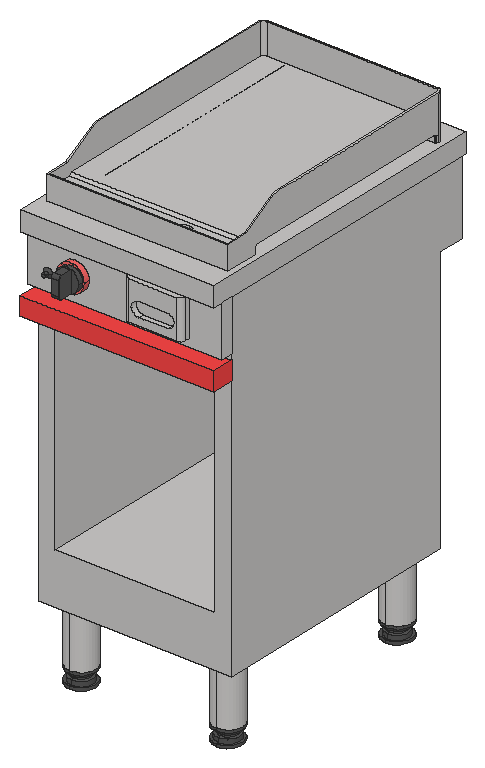
Revit family "ADB Gas Grills cupboard 410", category Equipement spécialisé, Revit 2022
Family settings
  Cote de connecteur circulaire = Utiliser le diamètre
  Type d'élément = Normal
  Numéro OmniClass = 23.40.40.14.17.11
  Titre OmniClass = Cookers, Ovens, Stoves
  Basée sur le plan de construction = Non
  Toujours verticalement = Oui
  Couper avec des vides une fois chargée = Non
  Conserver l'orientation des annotations = Non
  Partagée = Non
  Repère de localisation dans la pièce = Non
Parameters (values of type "CMG 410 SLKC")
  URL Cutsheet = "https://www.ambassade-de-bourgogne.com/fr/produits/armoires/grils/Resources/CMG-410-SLKC.pdf"
  URL = "https://www.ambassade-de-bourgogne.com/fr/produits/armoires/grils/Resources/CMG-410-SLKC.pdf"
  Electric Connection Type [instance] = "Bornier 40A"  # constant formula
  Item Number = ""
  Volts [instance] = 230 V  # constant formula
  Table = CME_CMG 410 SLK_SLKC : SLKC
  Specification by Manufacturer = ""
  SLK_SLKC = yes
  Electrical Remarks [instance] = "230V(MONO) commutable 400V(TRI)"  # constant formula
  Electric power [instance] = 0 W  # constant formula
  Gas power kW = 6  # constant formula
  Position interrupteur = 790.062 mm
  Position bouton = 97 mm
  Door hinges inversion option [instance] = no
  Depth [instance] = 652 mm + if([Wall-spacer DSA 400], 50 mm, 0 mm) + if(Door option CPM 400, 53 mm, 0 mm)  # 652 mm
  Door option CPM 400 [instance] = no
  Weight [instance] = Poids base + if([Wall-spacer DSA 400], 1.00 kg, 0.00 kg) + if(Door option CPM 400, 5.00 kg, 0.00 kg)  # 68.00 kg
  Poids base = 68.00 kg
  Phase [instance] = 1  # constant formula
  Number of Poles [instance] = Phase  # 1
  Modèle = "CMG 410 SLKC"
  Length [instance] = 400 mm  # constant formula
  Operational Current [instance] = Electric power / (230 V * Phase)  # 0 A
  Height [instance] = if(GR_GL, 1015 mm, if(SLK_SLKC, 990 mm, if(and(CKG, [Wall-spacer DSA 400]), 1000 mm, 980 mm)))  # 990 mm
  GR_GL = no
  Cycle [instance] = 50 Hz  # constant formula
  Fabricant = "Société Industrielle de Lacanche"  # constant formula
  F = 810 mm
  Elévation par défaut = 0 mm
  Shelves ECH 400 [instance] = no
  E = 355 mm
  Wall-spacer DSA 400 [instance] = no
  Dosseret [instance] = if([Wall-spacer DSA 400], 50 mm, 0 mm)  # 0 mm
  Gas Size = 20.96 mm  # constant formula
  Description = "Smooth chrome gas grill cupboard"
  Connectors [instance] = yes
  Commentaires du type = "Ambassade range - Gas grills & plancha"
  D = 725 mm
  CKG = no
  C = 200 mm
  Bac = yes
Types (5, lengths in mm): name | URL Cutsheet | URL | Table | SLK_SLKC | Position interrupteur | Position bouton | Weight | Poids base | Modèle | Height | GR_GL | Description | CKG | Bac
  CMG 410 GR | "https://www.ambassade-de-bourgogne.com/fr/produits/armoires/grils/Resources/CMG-410-GR.pdf" | "https://www.ambassade-de-bourgogne.com/fr/produits/armoires/grils/Resources/CMG-410-GR.pdf" | CME_CMG 410 GR_GL : GR | no | 790.062 | 97 | 68.00 kg | 68.00 kg | "CMG 410 GR" | 1015 | yes | "Ridged cast iron gas grill cupboard" | no | yes
  CMG 410 GL | "https://www.ambassade-de-bourgogne.com/fr/produits/armoires/grils/Resources/CMG-410-GL.pdf" | "https://www.ambassade-de-bourgogne.com/fr/produits/armoires/grils/Resources/CMG-410-GL.pdf" | CME_CMG 410 GR_GL : GL | no | 790.062 | 97 | 68.00 kg | 68.00 kg | "CMG 410 GL" | 1015 | yes | "Smooth cast iron gasgrill cupboard" | no | yes
  CMG 410 SLK | "https://www.ambassade-de-bourgogne.com/fr/produits/armoires/grils/Resources/CMG-410-SLK.pdf" | "https://www.ambassade-de-bourgogne.com/fr/produits/armoires/grils/Resources/CMG-410-SLK.pdf" | CME_CMG 410 SLK_SLKC : SLK | yes | 790.062 | 97 | 68.00 kg | 68.00 kg | "CMG 410 SLK" | 990 | no | "Smooth steel gas grill cupboard" | no | yes
  CMG 410 SLKC | "https://www.ambassade-de-bourgogne.com/fr/produits/armoires/grils/Resources/CMG-410-SLKC.pdf" | "https://www.ambassade-de-bourgogne.com/fr/produits/armoires/grils/Resources/CMG-410-SLKC.pdf" | CME_CMG 410 SLK_SLKC : SLKC | yes | 790.062 | 97 | 68.00 kg | 68.00 kg | "CMG 410 SLKC" | 990 | no | "Smooth chrome gas grill cupboard" | no | yes
  CMG 410 CKG | "https://www.ambassade-de-bourgogne.com/fr/produits/armoires/grils/Resources/CMG-410-CKG.pdf" | "https://www.ambassade-de-bourgogne.com/fr/produits/armoires/grils/Resources/CMG-410-CKG.pdf" | CMG410 CKG_gril gaz : CKG | no | 804.5 | 110 | 64.00 kg | 64.00 kg | "CMG 410 CKG" | 980 | no | "Lava stones gas grill cupboard" | yes | no
Reference planes
  plane 1 "Centre (avant/arrière)": y = 0
  plane 2: z = 0
  plane 3 "Centre (gauche/droite)": x = 0
  plane 4 "gauche": x = -200
  plane 5 "droite": x = 200
  plane 6 "fond de meuble": y = 325
  plane 7 "avant": y = -325
  plane 8 "arrière": y = 325
  plane 9: z = 990
  plane 10: x = 0
  plane 11: z = 725
  plane 12: x = -155
  plane 13: z = 810
  plane 14: x = -103
  plane 15 "Interrupteur": z = 790.062
  plane 16: y = -327
Forms (mm)
  Extrusion 1, solid, material "ADB_Network_Electricity_Yellow", visible <- "Connectors", detail levels medium+fine
    sketch origin (200, 315, 707) x (-1, 0, 0) y (0, 0, 1)
      loop
        circle (200, 18) r 10
    from 0 to 10
  Extrusion 2, solid, detail levels coarse
    sketch origin (0, 0, 0) x (1, 0, 0) y (0, 1, 0)
      loop
        line (-200, 325.033) -> (-200, -327) -> (200, -327) -> (200, 325.033) -> (-200, 325.033)
    from 0 to 990 <- "Height"
  Extrusion 3, solid, material "ADB_Stainless Steel-Polished", visible <- "Bac", detail levels fine
    sketch origin (121.5, 0, 0) x (1, 0, 0) y (0, 1, 0)
      loop
        arc (-110, -313.5) -> (-107.218, -320.218) -> (-100.5, -323) r 9.5
        line (-100.5, -323) -> (0.5, -323)
        arc (0.5, -323) -> (7.218, -320.218) -> (10, -313.5) r 9.5
        line (10, -313.5) -> (10, -306) -> (-110, -306) -> (-110, -313.5)
    from 770 to 850
  Extrusion 4, void
    sketch origin (309.416, -306, 860) x (-1, 0, 0) y (0, 0, -1)
      loop
        arc (267.812, 45) -> (282.812, 60) -> (267.812, 75) r 15
        line (267.812, 75) -> (208.021, 75)
        arc (208.021, 75) -> (193.021, 60) -> (208.021, 45) r 15
        line (208.021, 45) -> (267.812, 45)
    from 5 to 38.602
  Revolve 5, solid, material "ADB_Plastic-Black", detail levels fine
    sketch origin (0, 0, 790.062) x (0, -1, 0) y (1, 0, 0)
      loop
        line (306, -168) -> (311, -163) -> (317, -163) -> (317, -159) -> (306, -159) -> (306, -168)
      axis (306, -159) -> (317, -159)
    angle from 0 to 360
  Extrusion 6, solid, material "ADB_Network_Gas_Red", visible <- "Connectors", detail levels medium+fine
    sketch origin (45, 315, 777) x (-1, 0, 0) y (0, 0, 1)
      loop
        circle (200, 33) r 10
    from 0 to 10
Cuts and joins
  Extrusion 4 cuts Extrusion 3
Dimensions and locks
  equal spacing: plane 5 "droite", plane 3 "Centre (gauche/droite)", plane 4 "gauche"
  "Length": plane 5 "droite" to plane 4 "gauche"
  plane 6 "fond de meuble" to plane 7 "avant" = 650 mm
  locked: plane 7 "avant" to plane 1 "Centre (avant/arrière)" at 325
  "Dosseret": plane 8 "arrière" to plane 6 "fond de meuble"
  "Height": plane 9 to plane 2
  "D": plane 2 to plane 11
  "C": plane 5 "droite" to plane 10
  locked: Extrusion 3 sketch curve to Extrusion 3 sketch curve at 120
  "E": plane 5 "droite" to plane 12
  "F": plane 13 to level
  "Position bouton": plane 4 "gauche" to plane 14
  "Position interrupteur": plane 15 "Interrupteur" to level
  "Depth": plane 8 "arrière" to plane 16
  aligned and locked: level to plane 2
  aligned and locked: plane 3 "Centre (gauche/droite)" to nested 1
  aligned and locked: Extrusion 1 sketch curve to plane 10
  aligned and locked: plane 11 to Extrusion 1 sketch curve
  aligned and locked: plane 3 "Centre (gauche/droite)" to nested 3
  aligned and locked: plane 12 to Extrusion 6 sketch curve
  aligned and locked: plane 13 to Extrusion 6 sketch curve
  aligned and locked: nested 2 to plane 14
  aligned and locked: Extrusion 2 to plane 16
Automatic sketch dimensions
  Extrusion 2 sketch curve to plane 4 "gauche" = 0 mm
  Extrusion 2 sketch curve to plane 5 "droite" = 0 mm
  Extrusion 2 sketch curve to plane 7 "avant" = 2 mm
  plane 8 "arrière" to Extrusion 2 sketch curve = 0.033 mm
  plane 4 "gauche" to Extrusion 3 sketch curve = 211.5 mm
  plane 7 "avant" to Extrusion 3 sketch curve = 11.5 mm
  Extrusion 3 sketch curve to Extrusion 3 sketch curve = 9.5 mm  (x2)
  plane 7 "avant" to Extrusion 3 sketch curve = 19 mm
  Extrusion 4 sketch curve to nested 1 = 45 mm
  nested 1 to Extrusion 4 sketch curve = 301.396 mm
  Extrusion 4 sketch curve to Extrusion 4 sketch curve = 59.792 mm
  Extrusion 4 sketch curve to Extrusion 4 sketch curve = 15 mm
  plane 7 "avant" to Revolve 5 sketch curve = 19 mm
  Revolve 5 sketch curve to Revolve 5 sketch curve = 5 mm
  Revolve 5 sketch curve to Revolve 5 sketch curve = 6 mm
  Revolve 5 sketch curve to plane 12 = 13 mm
  Revolve 5 sketch curve to plane 12 = 8 mm
  Revolve 5 sketch curve to plane 12 = 4 mm
  Revolve 5 sketch curve to Revolve 5 sketch curve = 0 mm  (x2)
  Revolve 5 sketch curve to Revolve 5 sketch curve = 0.5 mm
  radius of Extrusion 1 sketch curve = 10 mm
  radius of Extrusion 6 sketch curve = 10 mm
Nested families
  nested 1: "Soubassement armoire" at (0, 0, 0), Dosseret <- "Wall-spacer DSA 400", Porte <- "Door option CPM 400", Door hinges inversion option <- "Door hinges inversion option", Echelle <- "Shelves ECH 400", type "1 armoire"
    with Depth 703 mm, Door hinges inversion option no, Porte no, Length 400 mm, Height 900 mm, Encombrement Porte standard no, Encombrement Porte inversée no, Echelle no, Décalage poignée 233.5 mm, Dosseret no, Longueur produit 400 mm
  nested 2: "Bouton" at (-103, -306, 804.565) x (1, 0, 0) z (0, -1, 0), type "Bouton"
  nested 3: "CME_CMG 410 SLK_SLKC" at (0, 0, 900), type <- "Table", type "SLKC", detail levels medium+fine
Connectors
  electrical at (0, 315, 725), driven by "Number of Poles", driven by "Volts", driven by "Electric power"
    settings: on Extrusion 1, index 1, voltage 230 V, apparent load 0 VA, apparent load phase1 0 VA, apparent load phase2 0 VA, apparent load phase3 0 VA, power factor 1, load classification "Autre", number of poles 1, system type 30, power factor state 1, is connector primary yes, connector utility no, sub classification motor no, connector description "Electrique"
  piping at (-155, 315, 810), diameter 20.96, driven by "Gas Size"
    settings: on Extrusion 6, index 2, connector inside diameter 609.60 mm, connector length 0 mm, flow factor 0, pipe flow 0.0 L/s, pressure drop 0.0 Pa, fitting loss kfactor 0, connector angle 0.00°, fixture units 0, engagement length 0 mm, angle of deflection 0.00°, flow configuration 0, flow direction 1, fitting loss method 0, system type 29, joint type 0, gender type 0, connector reference index -1, connector utility 0, adjustable connector no, is connector primary yes, connector description "Gaz"
Definition of nested family "Soubassement armoire"
  Parameters (values of type "1 armoire")
    Profondeur produit = 650 mm
    Profondeur baie libre = if(Baie libre, Profondeur produit - 68 mm, 1 mm)  # 582 mm
    Door hinges inversion option [instance] = no
    Longueur poignée = 229 mm  # constant formula
    Encombrement Porte inversée [instance] = and(Porte, Door hinges inversion option)  # no
    Encombrement Porte standard [instance] = and(Porte, not(Door hinges inversion option))  # no
    Porte [instance] = no
    Depth [instance] = Profondeur produit + if(Dosseret, 50 mm, 0 mm) + 53 mm  # 703 mm
    Longueur produit = 600 mm
    Length [instance] = Longueur produit  # 600 mm
    Hauteur produit = 900 mm
    Height [instance] = Hauteur produit + if(Dosseret, 100 mm, 0 mm)  # 900 mm
    Default Elevation = 0 mm
    Echelle [instance] = no
    Décalage poignée [instance] = if(Door hinges inversion option, Length, 233.5 mm)  # 233.5 mm
    Dosseret [instance] = no
    Baie libre = yes
  Reference planes
    plane 1 "Centre (avant/arrière)": y = 0
    plane 2: z = 0
    plane 3 "Centre (gauche/droite)": x = 0
    plane 4 "Gauche": x = -300
    plane 5 "Arrière": y = 325
    plane 6 "Droite": x = 300
    plane 7 "Avant": y = -325
    plane 8 "dessous meuble": z = 155
    plane 9 "Dessus de plan": z = 900
    plane 10 "Baguette coloré": z = 696
    plane 11 "dessous plan": z = 860
    plane 12 "Face": y = -280
    plane 13 "commande": z = 755
    plane 14 "dessus dosseret": z = 900
    plane 15: y = -377.967
    plane 16: y = 325.033
    plane 17 "Baguette colorë": y = -780
    plane 18: x = -66.5
  Forms (mm)
    Extrusion 1, solid, visible <- "Porte", detail levels medium+fine
      sketch origin (-300, 0, 0) x (0, 1, 0) y (0, 0, 1)
        loop
          line (-325, 155) -> (-280, 155) -> (-280, 696) -> (-325, 696) -> (-325, 155)
      from 0 to 600 <- "Length"
    Extrusion 2, solid, detail levels medium+fine
      sketch origin (-300, 0, 0) x (0, 1, 0) y (0, 0, 1)
        loop
          line (-280, 742.5) -> (-327, 742.5) -> (-327, 705) -> (-280, 705) -> (-280, 742.5)
      from 0 to 600 <- "Length"
    Extrusion 3, solid, detail levels medium+fine
      sketch origin (-300, 0, 0) x (0, 1, 0) y (0, 0, 1)
        loop
          line (325, 900) -> (-325, 900) -> (-325, 860) -> (325, 860) -> (325, 900)
      from 0 to 600 <- "Length"
    Extrusion 4, void
      sketch origin (0, -325, 0) x (-1, 0, 0) y (0, 0, 1)
        loop
          line (266, 679) -> (-266, 679) -> (-266, 261.5) -> (266, 261.5) -> (266, 679)
      from 0 to 582 <- "Profondeur baie libre"
    Extrusion 5, solid, detail levels medium+fine
      sketch origin (-300, 0, 0) x (0, 1, 0) y (0, 0, 1)
        loop
          line (-280, 860) -> (-306, 860) -> (-306, 755) -> (-280, 755) -> (-280, 860)
      from 0 to 600 <- "Length"
    Extrusion 6, solid, detail levels medium+fine
      sketch origin (-300, 0, 0) x (0, 1, 0) y (0, 0, 1)
        loop
          line (315, 860) -> (-280, 860) -> (-280, 155) -> (260, 155) -> (260, 707) -> (315, 707) -> (315, 860)
      from 0 to 600 <- "Length"
    Revolve 7, solid, detail levels medium+fine
      sketch origin (251.965, 0, 0) x (0, 1, 0) y (0, 0, -1)
        loop
          line (-258.968, -155) -> (-229, -155) -> (-229, 0) -> (-258.492, 0) -> (-258.492, -5) -> (-253.001, -5) -> (-253.001, -13.586) -> (-248.857, -16.488) -> (-248.857, -22) -> (-252.82, -22) -> (-258.968, -28.148) -> (-258.968, -34) -> (-258.968, -155)
        axis (-229, 0) -> (-229, -155)
      angle from 0 to 360
    Revolve 8, solid, detail levels medium+fine
      sketch origin (-251.965, 0, 0) x (0, 1, 0) y (0, 0, 1)
        loop
          line (-258.968, 155) -> (-258.968, 34) -> (-258.968, 28.148) -> (-252.82, 22) -> (-248.857, 22) -> (-248.857, 16.488) -> (-253.001, 13.586) -> (-253.001, 5) -> (-258.492, 5) -> (-258.492, 0) -> (-229, 0) -> (-229, 155) -> (-258.968, 155)
        axis (-229, 0) -> (-229, 155)
      angle from 0 to 360
    Revolve 9, solid, detail levels medium+fine
      sketch origin (-251.965, -20, 0) x (0, -1, 0) y (0, 0, -1)
        loop
          line (-258.968, -155) -> (-229, -155) -> (-229, 0) -> (-258.492, 0) -> (-258.492, -5) -> (-253.001, -5) -> (-253.001, -13.586) -> (-248.857, -16.488) -> (-248.857, -22) -> (-252.82, -22) -> (-258.968, -28.148) -> (-258.968, -34) -> (-258.968, -155)
        axis (-229, 0) -> (-229, -155)
      angle from 0 to 360
    Extrusion 10, solid, visible <- "Dosseret", detail levels medium+fine
      sketch origin (-300, 0, 0) x (0, 1, 0) y (0, 0, 1)
        loop
          line (375.033, 1000) -> (325, 1000) -> (325, 860) -> (375.033, 860) -> (375.033, 1000)
      from 0 to 600 <- "Length"
    Revolve 11, solid, detail levels medium+fine
      sketch origin (251.965, -20, 0) x (0, -1, 0) y (0, 0, 1)
        loop
          line (-258.968, 155) -> (-258.968, 34) -> (-258.968, 28.148) -> (-252.82, 22) -> (-248.857, 22) -> (-248.857, 16.488) -> (-253.001, 13.586) -> (-253.001, 5) -> (-258.492, 5) -> (-258.492, 0) -> (-229, 0) -> (-229, 155) -> (-258.968, 155)
        axis (-229, 0) -> (-229, 155)
      angle from 0 to 360
    Extrusion 12, void
      sketch origin (0, 0, 900) x (0, -1, 0) y (1, 0, 0)
        loop
          line (-307.033, -266.567) -> (-293.033, -266.567) -> (-293.033, 266.464) -> (-307.033, 266.464) -> (-307.033, -266.567)
      from 0 to -0.8
    Extrusion 13, solid, detail levels medium+fine
      sketch origin (-300, 260, 155) x (0, 0, 1) y (1, 0, 0)
        loop
          line (65, 454) -> (65, 146) -> (552, 146) -> (552, 454) -> (65, 454)
      from 0 to 35
    Extrusion 14, solid, visible <- "Echelle", detail levels medium+fine
      sketch origin (0, 0, 0) x (1, 0, 0) y (0, 0, 1)
        loop
          line (-266, 648.8) -> (-266, 623.8) -> (-256.5, 623.8) -> (-256.5, 625) -> (-264.8, 625) -> (-264.8, 647.6) -> (-248, 647.6) -> (-248, 648.8) -> (-266, 648.8)
        loop
          line (-266, 548.8) -> (-266, 523.8) -> (-256.5, 523.8) -> (-256.5, 525) -> (-264.8, 525) -> (-264.8, 547.6) -> (-248, 547.6) -> (-248, 548.8) -> (-266, 548.8)
        loop
          line (-266, 448.8) -> (-266, 423.8) -> (-256.5, 423.8) -> (-256.5, 425) -> (-264.8, 425) -> (-264.8, 447.6) -> (-248, 447.6) -> (-248, 448.8) -> (-266, 448.8)
        loop
          line (-266, 348.8) -> (-266, 323.8) -> (-256.5, 323.8) -> (-256.5, 325) -> (-264.8, 325) -> (-264.8, 347.6) -> (-248, 347.6) -> (-248, 348.8) -> (-266, 348.8)
      from -113.466 to 206.5
    Extrusion 15, solid, visible <- "Echelle", detail levels medium+fine
      sketch origin (0, 0, 0) x (-1, 0, 0) y (0, 0, -1)
        loop
          line (-266, -648.8) -> (-248, -648.8) -> (-248, -647.6) -> (-264.8, -647.6) -> (-264.8, -625) -> (-256.5, -625) -> (-256.5, -623.8) -> (-266, -623.8) -> (-266, -648.8)
        loop
          line (-266, -548.8) -> (-248, -548.8) -> (-248, -547.6) -> (-264.8, -547.6) -> (-264.8, -525) -> (-256.5, -525) -> (-256.5, -523.8) -> (-266, -523.8) -> (-266, -548.8)
        loop
          line (-266, -448.8) -> (-248, -448.8) -> (-248, -447.6) -> (-264.8, -447.6) -> (-264.8, -425) -> (-256.5, -425) -> (-256.5, -423.8) -> (-266, -423.8) -> (-266, -448.8)
        loop
          line (-266, -348.8) -> (-248, -348.8) -> (-248, -347.6) -> (-264.8, -347.6) -> (-264.8, -325) -> (-256.5, -325) -> (-256.5, -323.8) -> (-266, -323.8) -> (-266, -348.8)
      from -113.466 to 206.5
  Cuts and joins
    Extrusion 4 cuts Extrusion 6
    Extrusion 12 cuts Extrusion 10
  Lines and regions (mm)
    symbolic lines, visible <- "Encombrement Porte standard"
      curve 1: line (300, -280, 155) -> (300, -880, 155)
      curve 4: arc (-300, -280, 155) -> (-124.264, -704.264, 155) -> (300, -880, 155) r 600
    symbolic lines, visible <- "Encombrement Porte inversée"
      curve 2: line (-300, -280, 155) -> (-300, -880, 155)
      curve 3: arc (300, -280, 155) -> (124.264, -704.264, 155) -> (-300, -880, 155) r 600
  Dimensions and locks
    equal spacing: plane 7 "Avant", plane 1 "Centre (avant/arrière)", plane 5 "Arrière"
    "Profondeur produit": plane 5 "Arrière" to plane 7 "Avant"
    equal spacing: plane 4 "Gauche", plane 3 "Centre (gauche/droite)", plane 6 "Droite"
    "Longueur produit": plane 4 "Gauche" to plane 6 "Droite"
    "Hauteur produit": plane 9 "Dessus de plan" to plane 2
    locked: plane 8 "dessous meuble" to plane 2 at 155
    locked: plane 9 "Dessus de plan" to plane 11 "dessous plan" at 40
    locked: plane 7 "Avant" to plane 12 "Face" at 45
    locked: plane 13 "commande" to plane 10 "Baguette coloré" at 59
    locked: plane 11 "dessous plan" to plane 13 "commande" at 105
    Extrusion 4 sketch curve to plane 8 "dessous meuble" = 106.5 mm
    Extrusion 4 sketch curve to plane 6 "Droite" = 34 mm
    Extrusion 4 sketch curve to plane 4 "Gauche" = 34 mm
    plane 10 "Baguette coloré" to Extrusion 4 sketch curve = 17 mm
    "Height": plane 14 "dessus dosseret" to plane 2
    locked: plane 7 "Avant" to plane 15 at 52.967
    "Depth": plane 15 to plane 16
    equal spacing: Extrusion 13 sketch curve, plane 3 "Centre (gauche/droite)", Extrusion 13 sketch curve
    "Décalage poignée": plane 18 to plane 4 "Gauche"
    locked: plane 4 "Gauche" to Revolve 9 at 18.067
    locked: Revolve 11 to plane 6 "Droite" at 18.067
    locked: Revolve 7 to plane 6 "Droite" at 18.067
    locked: plane 4 "Gauche" to Revolve 8 at 18.067
    locked: Revolve 8 to plane 12 "Face" at 21.032
    locked: Revolve 7 to plane 12 "Face" at 21.032
    locked: plane 5 "Arrière" to Extrusion 10 sketch curve at 50.033
    plane 16 to Extrusion 12 sketch curve to Extrusion 12 sketch curve = 18 mm locked, 14 mm locked
    aligned and locked: level to plane 2
    aligned and locked: plane 18 to nested 1
  Automatic sketch dimensions
    Extrusion 1 sketch curve to plane 7 "Avant" = 0 mm
    Extrusion 1 sketch curve to plane 10 "Baguette coloré" = 0 mm
    Extrusion 1 sketch curve to plane 12 "Face" = 0 mm
    Extrusion 1 sketch curve to plane 8 "dessous meuble" = 0 mm
    Extrusion 2 sketch curve to plane 12 "Face" = 0 mm
    Extrusion 2 sketch curve to plane 7 "Avant" = 2 mm
    plane 10 "Baguette coloré" to Extrusion 2 sketch curve = 9 mm
    Extrusion 2 sketch curve to plane 13 "commande" = 12.5 mm
    Extrusion 3 sketch curve to plane 7 "Avant" = 0 mm
    Extrusion 3 sketch curve to plane 5 "Arrière" = 0 mm
    Extrusion 3 sketch curve to plane 11 "dessous plan" = 0 mm
    Extrusion 3 sketch curve to plane 9 "Dessus de plan" = 0 mm
    Extrusion 5 sketch curve to plane 11 "dessous plan" = 0 mm
    Extrusion 5 sketch curve to plane 13 "commande" = 0 mm
    Extrusion 5 sketch curve to plane 12 "Face" = 0 mm
    plane 7 "Avant" to Extrusion 5 sketch curve = 19 mm
    Extrusion 6 sketch curve to plane 11 "dessous plan" = 0 mm
    Extrusion 6 sketch curve to plane 12 "Face" = 0 mm
    Extrusion 6 sketch curve to plane 8 "dessous meuble" = 0 mm
    Extrusion 6 sketch curve to plane 5 "Arrière" = 65 mm
    Extrusion 6 sketch curve to plane 5 "Arrière" = 10 mm
    plane 10 "Baguette coloré" to Extrusion 6 sketch curve = 11 mm
    Revolve 7 sketch curve to plane 8 "dessous meuble" = 0 mm
    Revolve 7 sketch curve to level = 0 mm
    plane 12 "Face" to Revolve 7 sketch curve = 21.032 mm
    plane 12 "Face" to Revolve 7 sketch curve = 21.508 mm
    Revolve 7 sketch curve to Revolve 7 sketch curve = 5.491 mm
    Revolve 7 sketch curve to Revolve 7 sketch curve = 0.181 mm
    Revolve 7 sketch curve to Revolve 7 sketch curve = 3.964 mm
    Revolve 7 sketch curve to Revolve 7 sketch curve = 24.001 mm
    level to Revolve 7 sketch curve = 34 mm
    Revolve 7 sketch curve to Revolve 7 sketch curve = 5.852 mm
    Revolve 7 sketch curve to Revolve 7 sketch curve = 6.148 mm
    Revolve 7 sketch curve to Revolve 7 sketch curve = 5.512 mm
    Revolve 7 sketch curve to Revolve 7 sketch curve = 2.902 mm
    level to Revolve 7 sketch curve = 5 mm
    Revolve 7 sketch curve to Revolve 7 sketch curve = 0 mm
    plane 8 "dessous meuble" to Revolve 7 sketch curve = 19 mm
    Revolve 7 sketch curve to Revolve 7 sketch curve = 12 mm
    Revolve 8 sketch curve to plane 8 "dessous meuble" = 0 mm
    Revolve 8 sketch curve to level = 0 mm
    plane 12 "Face" to Revolve 8 sketch curve = 21.032 mm
    plane 12 "Face" to Revolve 8 sketch curve = 21.508 mm
    Revolve 8 sketch curve to Revolve 8 sketch curve = 5.491 mm
    Revolve 8 sketch curve to Revolve 8 sketch curve = 0.181 mm
    Revolve 8 sketch curve to Revolve 8 sketch curve = 3.964 mm
    Revolve 8 sketch curve to Revolve 8 sketch curve = 24.001 mm
    level to Revolve 8 sketch curve = 5 mm
    Revolve 8 sketch curve to Revolve 8 sketch curve = 8.586 mm
    Revolve 8 sketch curve to Revolve 8 sketch curve = 2.902 mm
    Revolve 8 sketch curve to Revolve 8 sketch curve = 5.512 mm
    Revolve 8 sketch curve to Revolve 8 sketch curve = 6.148 mm
    Revolve 8 sketch curve to Revolve 8 sketch curve = 5.852 mm
    Revolve 8 sketch curve to Revolve 8 sketch curve = 0 mm
    Revolve 8 sketch curve to Revolve 8 sketch curve = 12 mm
    plane 8 "dessous meuble" to Revolve 8 sketch curve = 19 mm
    Revolve 9 sketch curve to plane 8 "dessous meuble" = 0 mm
    Revolve 9 sketch curve to level = 0 mm
    level to Revolve 9 sketch curve = 28.148 mm
    Revolve 9 sketch curve to plane 5 "Arrière" = 86.032 mm
    Revolve 9 sketch curve to Revolve 9 sketch curve = 0.477 mm
    level to Revolve 9 sketch curve = 13.586 mm
    Revolve 9 sketch curve to Revolve 9 sketch curve = 5.491 mm
    Revolve 9 sketch curve to Revolve 9 sketch curve = 0.181 mm
    Revolve 9 sketch curve to Revolve 9 sketch curve = 3.964 mm
    Revolve 9 sketch curve to Revolve 9 sketch curve = 24.001 mm
    Revolve 9 sketch curve to Revolve 9 sketch curve = 5.852 mm
    Revolve 9 sketch curve to Revolve 9 sketch curve = 8.414 mm
    Revolve 9 sketch curve to Revolve 9 sketch curve = 2.902 mm
    level to Revolve 9 sketch curve = 5 mm
    Revolve 9 sketch curve to Revolve 9 sketch curve = 0 mm
    plane 8 "dessous meuble" to Revolve 9 sketch curve = 19 mm
    Revolve 9 sketch curve to Revolve 9 sketch curve = 12 mm
    Extrusion 10 sketch curve to plane 5 "Arrière" = 0 mm
    Extrusion 10 sketch curve to plane 11 "dessous plan" = 0 mm
    plane 9 "Dessus de plan" to Extrusion 10 sketch curve = 100 mm
    curve 3 to plane 6 "Droite" = 0 mm
    curve 3 to plane 4 "Gauche" = 0 mm
    curve 4 to plane 4 "Gauche" = 0 mm
    curve 4 to plane 12 "Face" = 0 mm
    curve 2 to plane 12 "Face" = 0 mm
    curve 3 to plane 12 "Face" = 0 mm
    Revolve 11 sketch curve to plane 8 "dessous meuble" = 0 mm
    Revolve 11 sketch curve to level = 0 mm
    level to Revolve 11 sketch curve = 28.148 mm
    Revolve 11 sketch curve to plane 5 "Arrière" = 86.032 mm
    Revolve 11 sketch curve to Revolve 11 sketch curve = 0.477 mm
    level to Revolve 11 sketch curve = 13.586 mm
    Revolve 11 sketch curve to Revolve 11 sketch curve = 5.491 mm
    Revolve 11 sketch curve to Revolve 11 sketch curve = 0.181 mm
    Revolve 11 sketch curve to Revolve 11 sketch curve = 3.964 mm
    Revolve 11 sketch curve to Revolve 11 sketch curve = 24.001 mm
    level to Revolve 11 sketch curve = 5 mm
    Revolve 11 sketch curve to Revolve 11 sketch curve = 2.902 mm
    Revolve 11 sketch curve to Revolve 11 sketch curve = 5.512 mm
    Revolve 11 sketch curve to Revolve 11 sketch curve = 5.852 mm
    Revolve 11 sketch curve to Revolve 11 sketch curve = 0 mm
    Revolve 11 sketch curve to Revolve 11 sketch curve = 12 mm
    plane 8 "dessous meuble" to Revolve 11 sketch curve = 19 mm
    plane 4 "Gauche" to Extrusion 12 sketch curve = 33.433 mm
    plane 6 "Droite" to Extrusion 12 sketch curve = 33.536 mm
    Extrusion 13 sketch curve to Extrusion 6 = 0 mm
    Extrusion 6 to Extrusion 13 sketch curve = 65 mm
    Extrusion 6 to Extrusion 13 sketch curve = 146 mm
    plane 4 "Gauche" to Extrusion 14 sketch curve = 34 mm  (x4)
    Extrusion 14 sketch curve to Extrusion 14 sketch curve = 1.2 mm  (x12)
    Extrusion 14 sketch curve to Extrusion 14 sketch curve = 8.3 mm  (x4)
    Extrusion 14 sketch curve to Extrusion 14 sketch curve = 16.8 mm  (x4)
    plane 8 "dessous meuble" to Extrusion 14 sketch curve = 168.8 mm
    Extrusion 14 sketch curve to Extrusion 14 sketch curve = 22.6 mm  (x4)
    Extrusion 14 sketch curve to Extrusion 14 sketch curve = 75 mm  (x2)
    Extrusion 14 sketch curve to plane 10 "Baguette coloré" = 72.2 mm
    plane 6 "Droite" to Extrusion 15 sketch curve = 34 mm  (x4)
    Extrusion 15 sketch curve to Extrusion 15 sketch curve = 1.2 mm  (x12)
    Extrusion 15 sketch curve to Extrusion 15 sketch curve = 8.3 mm  (x4)
    Extrusion 15 sketch curve to Extrusion 15 sketch curve = 16.8 mm  (x4)
    Extrusion 15 sketch curve to plane 10 "Baguette coloré" = 47.2 mm
    Extrusion 15 sketch curve to Extrusion 15 sketch curve = 22.6 mm  (x4)
    Extrusion 15 sketch curve to Extrusion 15 sketch curve = 75 mm  (x3)
    curve 1 to plane 6 "Droite" = 0 mm
    curve 1 to plane 12 "Face" = 0 mm
  Nested families
    nested 1: "Poignée" at (-181, -325, 681.933) x (1, 0, 0) z (0, -1, 0), visible <- "Porte", Longueur <- "Longueur poignée", type "Poignée", detail levels fine
      with Longueur 229 mm
  Definition of nested family "Poignée"
    Parameters (values of type "Poignée")
      Longueur [instance] = 800 mm
      Default Elevation = 1219.2 mm
    Reference planes
      plane 1 "Centre (avant/arrière)": y = 0
      plane 2: z = 0
      plane 3 "Centre (gauche/droite)": x = 0
      plane 4: x = -400
      plane 5: x = 400
      plane 6: x = -395
      plane 7: x = 395
    Forms (mm)
      Extrusion 1, solid
        sketch origin (0, 0, 0) x (1, 0, 0) y (0, 1, 0)
          loop
            line (-1219.2, 1219.2) -> (-1219.2, -1219.2) -> (1219.2, -1219.2) -> (1219.2, 1219.2) -> (-1219.2, 1219.2)
        from 0 to -304.8
      Extrusion 2, solid
        sketch origin (0, 0, 0) x (0, 1, 0) y (0, 0, 1)
          loop
            circle (0, 38.995) r 13.972
        from -395 to 395
      Extrusion 3, solid
        sketch origin (0, 0, 0) x (1, 0, 0) y (0, 1, 0)
          loop
            circle (-363.542, 0) r 8.5
          loop
            circle (363.453, 0) r 8.5
        from 0 to 37.089
    Cuts and joins
      joined: Extrusion 2, Extrusion 3
    Dimensions and locks
      equal spacing: plane 4, plane 3 "Centre (gauche/droite)", plane 5
      "Longueur": plane 4 to plane 5
      locked: plane 4 to plane 6 at 5
      locked: plane 7 to plane 5 at 5
      locked: plane 6 to Extrusion 3 sketch curve at 31.458
      locked: Extrusion 3 sketch curve to plane 7 at 31.547
      aligned and locked: plane 2 to Extrusion 1
      aligned and locked: level to Extrusion 1
      aligned and locked: plane 6 to Extrusion 2
      aligned and locked: Extrusion 2 to plane 7
      aligned and locked: plane 1 "Centre (avant/arrière)" to Extrusion 3 sketch curve
    Automatic sketch dimensions
      Extrusion 1 sketch curve to Extrusion 1 sketch curve = 2438.4 mm  (x2)
      Extrusion 2 sketch curve to plane 1 "Centre (avant/arrière)" = 0 mm
      level to Extrusion 2 sketch curve = 38.995 mm
      plane 1 "Centre (avant/arrière)" to Extrusion 3 sketch curve = 0 mm
      radius of Extrusion 2 sketch curve = 13.972 mm
      radius of Extrusion 3 sketch curve = 8.5 mm  (x2)
Definition of nested family "Bouton"
  Parameters (values of type "Bouton")
    Matériau base bouton = none
    Default Elevation = 1219.2 mm
  Reference planes
    plane 1 "Centre (avant/arrière)": y = 0
    plane 2: z = 0
    plane 3 "Centre (gauche/droite)": x = 0
  Forms (mm)
    Extrusion 1, solid
      sketch origin (0, 0, 0) x (1, 0, 0) y (0, 1, 0)
        loop
          line (-1219.2, 1219.2) -> (-1219.2, -1219.2) -> (1219.2, -1219.2) -> (1219.2, 1219.2) -> (-1219.2, 1219.2)
      from 0 to -304.8
    Extrusion 2, solid, material <- "Matériau base bouton", detail levels fine
      sketch origin (0, 0, 0) x (1, 0, 0) y (0, 1, 0)
        loop
          circle (0, 0) r 28.5
      from 0 to 11.5
    Extrusion 3, solid, detail levels fine
      sketch origin (0, 0, 0) x (1, 0, 0) y (0, 1, 0)
        loop
          circle (0, 0) r 24.1
      from 11.5 to 20.5
    Extrusion 4, solid, detail levels fine
      sketch origin (0, 0, 0) x (1, 0, 0) y (0, 0, 1)
        loop
          line (-8.082, 20.5) -> (8.082, 20.5) -> (7.58, 49.253)
          arc (7.58, 49.253) -> (6.684, 51.34) -> (4.581, 52.2) r 3
          line (4.581, 52.2) -> (-4.581, 52.2)
          arc (-4.581, 52.2) -> (-6.684, 51.34) -> (-7.58, 49.253) r 3
          line (-7.58, 49.253) -> (-8.082, 20.5)
      from -22.082 to 22.162
    Extrusion 5, void
      sketch origin (0, 0, 0) x (0, 1, 0) y (0, 0, 1)
        loop
          line (-15.762, 50.701) -> (15.682, 50.701)
          arc (15.682, 50.701) -> (20.208, 48.826) -> (22.082, 44.301) r 6.4
          line (22.082, 44.301) -> (22.082, 41.701) -> (24.232, 41.701) -> (24.232, 54.688) -> (-24.768, 54.688) -> (-24.768, 41.701) -> (-22.162, 41.701) -> (-22.162, 44.301)
          arc (-22.162, 44.301) -> (-20.287, 48.826) -> (-15.762, 50.701) r 6.4
      from -15.908 to 13.709
  Cuts and joins
    Extrusion 5 cuts Extrusion 4
  Lines and regions (mm)
    symbolic lines, detail levels fine
      curve 1: line (0, -28.5, 0) -> (0, 28.5, 0)
  Dimensions and locks
    aligned and locked: plane 2 to Extrusion 1
    aligned and locked: level to Extrusion 1
Definition of nested family "CME_CMG 410 SLK_SLKC"
  Parameters (values of type "SLKC")
    Longueur plancha = Longueur - 26 mm  # 374 mm
    Habillage = none
    Longueur = 400 mm
    Largeur = 650 mm
    Default Elevation = 1219.2 mm
  Types (3): name
    (no name)
    SLK
    SLKC
  Reference planes
    plane 1 "Centre (avant/arrière)": y = 0
    plane 2: z = 0
    plane 3 "Centre (gauche/droite)": x = 0
    plane 4: y = 325
    plane 5: y = -325
    plane 6: x = 200
    plane 7: x = -200
    plane 8: x = -187
    plane 9: x = 187
  Forms (mm)
    Extrusion 1, solid
      sketch origin (0, 0, 0) x (1, 0, 0) y (0, 1, 0)
        loop
          line (-1219.2, 1219.2) -> (-1219.2, -1219.2) -> (1219.2, -1219.2) -> (1219.2, 1219.2) -> (-1219.2, 1219.2)
      from 0 to -304.8
    Extrusion 2, solid, material <- "Habillage"
      sketch origin (0, 0, 0) x (1, 0, 0) y (0, 1, 0)
        loop
          line (-187, 272.048) -> (-187, -273.983) -> (187, -273.983) -> (187, 272.048)
          arc (187, 272.048) -> (183.778, 279.826) -> (176, 283.048) r 11
          line (176, 283.048) -> (-176, 283.048)
          arc (-176, 283.048) -> (-183.778, 279.826) -> (-187, 272.048) r 11
        loop
          line (-184, 272.048) -> (-184, -270.983) -> (184, -270.983) -> (184, 272.048)
          arc (184, 272.048) -> (181.657, 277.705) -> (176, 280.048) r 8
          line (176, 280.048) -> (-176, 280.048)
          arc (-176, 280.048) -> (-181.657, 277.705) -> (-184, 272.048) r 8
      from 0 to 92.033
    Extrusion 3, void
      sketch origin (0, 0, 0) x (0, 1, 0) y (0, 0, 1)
        loop
          line (-104, 112) -> (-285.597, 112) -> (-285.597, 49.448) -> (-223.976, 49.403) -> (-161.719, 85.347)
          arc (-161.719, 85.347) -> (-149.684, 90.332) -> (-136.769, 92.033) r 49.9
          line (-136.769, 92.033) -> (-104, 92.033) -> (-104, 112)
      from -200 to 200
    Extrusion 4, solid, material <- "Habillage"
      sketch origin (0, 0.952, 0) x (1, 0, 0) y (0, 1, 0)
        loop
          line (176, 279.096) -> (-176, 279.096)
          arc (-176, 279.096) -> (-181.657, 276.753) -> (-184, 271.096) r 8
          line (-184, 271.096) -> (-184, -271.935) -> (184, -271.935) -> (184, 271.096)
          arc (184, 271.096) -> (181.657, 276.753) -> (176, 279.096) r 8
      from 0 to 29.492
    Extrusion 5, void
      sketch origin (0, 0, 0) x (0, 1, 0) y (0, 0, 1)
        loop
          line (-266.126, 28.524) -> (-261.04, 23.612) -> (-221.046, 24.309) -> (-210.298, 35.437) -> (-270.983, 35.437) -> (-270.983, 28.44) -> (-266.126, 28.524)
      from -280 to 280
    Extrusion 6, void
      sketch origin (0, 0, 0) x (1, 0, 0) y (0, 1, 0)
        loop
          circle (72.021, -245.004) r 15
      from 0 to 61.472
    Extrusion 7, void
      sketch origin (0, 0, 0) x (0, 1, 0) y (0, 0, 1)
        loop
          line (-203.012, 12.383) -> (-203.012, 0) -> (266.988, 0) -> (266.988, 11.783)
          arc (266.988, 11.783) -> (265.348, 15.743) -> (261.388, 17.383) r 5.6
          line (261.388, 17.383) -> (-198.012, 17.383)
          arc (-198.012, 17.383) -> (-201.548, 15.919) -> (-203.012, 12.383) r 5
      from -200 to 200
    Extrusion 8, void
      sketch origin (0, 0, 0) x (1, 0, 0) y (0, 0, 1)
        loop
          line (135, 25.033) -> (-135, 25.033)
          arc (-135, 25.033) -> (-138.536, 23.568) -> (-140, 20.033) r 5
          line (-140, 20.033) -> (-140, 0) -> (140, 0) -> (140, 20.033)
          arc (140, 20.033) -> (138.536, 23.568) -> (135, 25.033) r 5
      from -325 to 203.012
  Cuts and joins
    Extrusion 3, Extrusion 7, Extrusion 8 cuts Extrusion 2
    Extrusion 5, Extrusion 6, Extrusion 7, Extrusion 8 cuts Extrusion 4
  Dimensions and locks
    "Largeur": plane 5 to plane 4
    "Longueur": plane 7 to plane 6
    "Longueur plancha": plane 8 to plane 9
    equal spacing: plane 7, plane 3 "Centre (gauche/droite)", plane 6
    equal spacing: plane 8, plane 3 "Centre (gauche/droite)", plane 9
    aligned and locked: plane 2 to Extrusion 1
    aligned and locked: level to Extrusion 1
    aligned and locked: plane 8 to Extrusion 2 sketch curve
    aligned and locked: plane 9 to Extrusion 2 sketch curve
  Automatic sketch dimensions
    Extrusion 1 sketch curve to Extrusion 1 sketch curve = 2438.4 mm  (x2)
    Extrusion 4 sketch curve to plane 5 = 54.017 mm
    plane 4 to Extrusion 4 sketch curve = 52.952 mm
    Extrusion 6 sketch curve to plane 5 = 79.996 mm
    Extrusion 4 sketch curve to plane 7 = 24 mm
    Extrusion 4 sketch curve to plane 7 = 16 mm
    plane 3 "Centre (gauche/droite)" to Extrusion 6 sketch curve = 72.021 mm
    plane 6 to Extrusion 4 sketch curve = 24 mm
    plane 9 to Extrusion 4 sketch curve = 3 mm
    Extrusion 2 sketch curve to plane 8 = 3 mm
    Extrusion 2 sketch curve to Extrusion 2 sketch curve = 8 mm
    Extrusion 2 sketch curve to Extrusion 2 sketch curve = 0 mm  (x3)
    plane 9 to Extrusion 2 sketch curve = 11 mm
    plane 9 to Extrusion 2 sketch curve = 3 mm
    Extrusion 2 sketch curve to plane 5 = 51.017 mm
    Extrusion 2 sketch curve to Extrusion 2 sketch curve = 3 mm
    plane 4 to Extrusion 2 sketch curve = 52.952 mm
    Extrusion 3 sketch curve to plane 5 = 39.403 mm
    level to Extrusion 3 sketch curve = 49.403 mm
    Extrusion 3 sketch curve to Extrusion 3 sketch curve = 61.621 mm
    Extrusion 3 sketch curve to Extrusion 3 sketch curve = 62.257 mm
    Extrusion 3 sketch curve to Extrusion 3 sketch curve = 24.95 mm
    level to Extrusion 3 sketch curve = 42.133 mm
    Extrusion 3 sketch curve to Extrusion 3 sketch curve = 43.215 mm
    Extrusion 3 sketch curve to Extrusion 3 sketch curve = 62.597 mm
    Extrusion 3 sketch curve to Extrusion 3 sketch curve = 32.769 mm
    level to Extrusion 3 sketch curve = 49.448 mm
    level to Extrusion 5 sketch curve = 28.44 mm
    Extrusion 5 sketch curve to plane 5 = 58.874 mm
    level to Extrusion 5 sketch curve = 23.612 mm
    Extrusion 5 sketch curve to Extrusion 5 sketch curve = 5.086 mm
    level to Extrusion 5 sketch curve = 24.309 mm
    Extrusion 5 sketch curve to Extrusion 5 sketch curve = 39.994 mm
    Extrusion 5 sketch curve to Extrusion 5 sketch curve = 4.857 mm
    Extrusion 5 sketch curve to Extrusion 5 sketch curve = 10.748 mm
    Extrusion 5 sketch curve to Extrusion 5 sketch curve = 0.085 mm
    Extrusion 5 sketch curve to Extrusion 5 sketch curve = 6.998 mm
    level to Extrusion 7 sketch curve = 12.383 mm
    Extrusion 7 sketch curve to plane 5 = 121.988 mm
    Extrusion 7 sketch curve to Extrusion 7 sketch curve = 5 mm
    level to Extrusion 7 sketch curve = 11.783 mm
    plane 4 to Extrusion 7 sketch curve = 63.612 mm
    Extrusion 7 sketch curve to level = 0 mm
    Extrusion 8 sketch curve to plane 8 = 47 mm
    Extrusion 8 sketch curve to Extrusion 8 sketch curve = 5 mm  (x2)
    level to Extrusion 8 sketch curve = 20.033 mm
    plane 9 to Extrusion 8 sketch curve = 52 mm
    level to Extrusion 8 sketch curve = 0 mm
    radius of Extrusion 6 sketch curve = 15 mm
